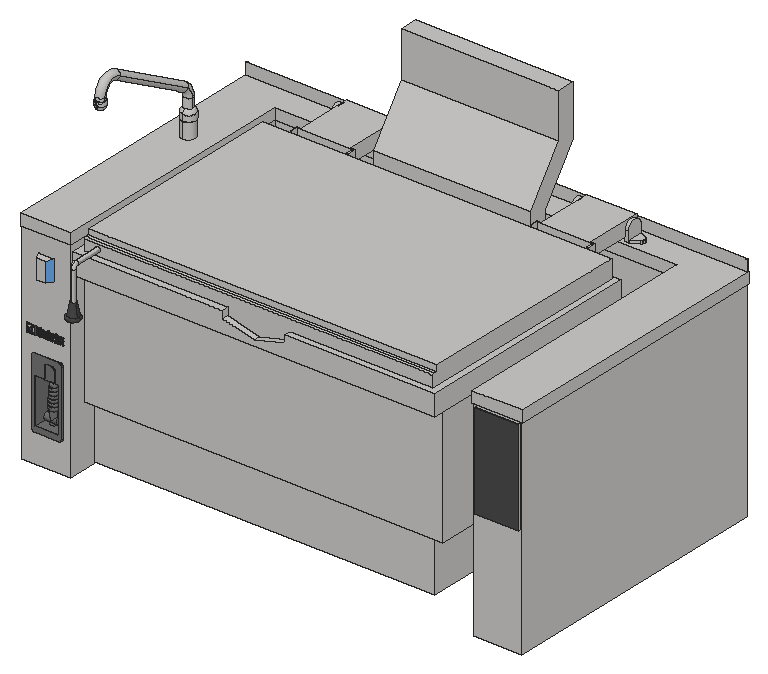
Revit family "QF_ELECTROLUXPROFESSIONAL_586958_PFET17GLCS", category Specialty Equipment, Revit 2018
Family settings
  Round Connector Dimension = Use Radius
  Part Type = Normal
  Work Plane-Based = No
  Always vertical = Yes
  Cut with Voids When Loaded = No
  Shared = Yes
  Room Calculation Point = No
Parameters (values of type "Standard")
  Weight = 300.00 kg
  Watts = 0 W
  Volts = 230 V
  URL Manufacturer = "http://professional.electrolux.com"
  URL = "http://professional.electrolux.com"
  Steam Supply Size = 0"
  Steam Supply Minimum Pressure = 0.00 psi
  Steam Supply Maximum Pressure = 0.00 psi
  Steam Pounds per Hour = 0
  Show Logo [instance] = yes
  Refrigeration Suction Line Size = 0"
  Refrigeration Liquid Line Size = 0"
  Refrigerant Compressor Remote = yes
  Plinth Base Finish [instance] = QF_Finishes_Concrete
  Plinth Base [instance] = not(Base Height = 500.00 mm)  # yes
  Phase = 1
  Model = "PFET17GLCS"
  Manufacturer = "Electrolux Professional"
  Length Actual = 1600.00 mm  # constant formula
  Item Number = "586958"
  Hot Water Size = 1/2"
  Height Actual = 700.00 mm  # constant formula
  HP = "0.3 HP"
  Gas Size = 1"
  Gas KW = 29
  Gas Input Pressure = 0.941485 Btu/h
  Direct Waste Size = 0"
  Description = "GAS TILTING BRAISING PAN,AUTO H/C WATER FILL INLET,SPRAY GUN, 170L,H700,COMPOUND,BS,FS,D900,REAR CLS KIT,GUID.COOK.S"
  Depth Actual = 900.00 mm  # constant formula
  Cycle = 50 Hz
  Condensate Return Size = 0"
  Compressed Air Volume = 0 GPM
  Compressed Air Size = 0"
  Compressed Air Pressure = 0.00 psi
  Cold Water Size = 1/2"
  Bracket [instance] = Base Height = 500.00 mm  # no
  Body Finish [instance] = QF_Finishes_Stainless Steel
  Base Height = 200.00 mm
  Show Clearance [instance] = yes
  Assembly Code = ""
  Accessory = yes
Reference planes
  plane 1 "BACK": y = 0
  plane 2: z = 0
  plane 3 "LEFT": x = 0
  plane 4 "RIGHT": x = 1600
  plane 5 "FRONT": y = -900
  plane 6 "TOP": z = 900
  plane 7: z = 200
  plane 8 "Center": x = 800
  plane 9: y = -450
  plane 10: y = -971
  plane 11: z = 913.881
  plane 12: z = 1865
  plane 13: y = -1014
Forms (mm)
  Extrusion 1, solid, material "QF_Finishes_Stainless Steel" <- "Body Finish"
    sketch origin (0, 0, 900) x (-1, 0, 0) y (0, -1, 0)
      loop
        line (0, 0) -> (0, 900) -> (-160, 900) -> (-160, 86) -> (-1440, 86) -> (-1440, 900) -> (-1600, 900) -> (-1600, 0) -> (0, 0)
    from 0 to -35
  Extrusion 2, solid, material "QF_Finishes_Stainless Steel" <- "Body Finish"
    sketch origin (0, 0, 0) x (1, 0, 0) y (0, 0, 1)
      loop
        line (157, 865) -> (157, 500) -> (1443, 500) -> (1443, 865) -> (157, 865)
    from 3 to 83
  Extrusion 3, solid, material "QF_Finishes_Stainless Steel" <- "Body Finish"
    sketch origin (0, 0, 0) x (1, 0, 0) y (0, 0, 1)
      loop
        line (230, 454.5) -> (1370, 454.5) -> (1370, 833) -> (230, 833) -> (230, 454.5)
    from 235 to 929.3
  Extrusion 4, solid, material "QF_Finishes_Stainless Steel" <- "Body Finish"
    sketch origin (-975.299, -4572, 900) x (-1, 0, 0) y (0, -1, 0)
      loop
        line (-1300.839, -4342) -> (-1304.839, -4342) -> (-1304.839, -4362.7) -> (-1480.839, -4362.7) -> (-1480.839, -4342) -> (-1484.839, -4342) -> (-1484.839, -4366.7) -> (-1472.239, -4366.7) -> (-1472.239, -4549.945) -> (-1313.239, -4549.945) -> (-1313.239, -4366.7) -> (-1300.839, -4366.7) -> (-1300.839, -4342)
      loop
        line (-2249.759, -4342) -> (-2249.759, -4366.7) -> (-2237.359, -4366.7) -> (-2237.359, -4549.945) -> (-2078.359, -4549.945) -> (-2078.359, -4366.7) -> (-2065.759, -4366.7) -> (-2065.759, -4342) -> (-2069.759, -4342) -> (-2069.759, -4362.7) -> (-2245.759, -4362.7) -> (-2245.759, -4342) -> (-2249.759, -4342)
    from 11 to 56
  Sweep 5, solid, material "QF_Finishes_Stainless Steel" <- "Body Finish"
    path origin (287.976, -51.8, 0) x (0, 1, 0) y (0, 0, 1)
      loop
        line (-897.5, 920) -> (-985.5, 920)
        arc (-985.5, 920) -> (-994.07, 916.45) -> (-997.619, 907.881) r 12.119
        line (-997.619, 907.881) -> (-997.619, 813.956)
    profile origin (287.976, -993.3, 920) x (0, 0, -1) y (1, 0, 0)
      loop
        circle (0, 0) r 6.119
  Revolve 6, solid, material "QF_Finishes_Black"
    sketch origin (0, -1049.419, 0) x (1, 0, 0) y (0, 0, 1)
      loop
        line (287.976, 764.909) -> (304.041, 764.909)
        arc (304.041, 764.909) -> (309.041, 769.909) -> (304.041, 774.909) r 5
        line (304.041, 774.909) -> (296.452, 813.956) -> (287.976, 813.956) -> (287.976, 764.909)
      axis (287.976, 813.956) -> (287.976, 764.909)
    angle from 0 to 360
  Extrusion 7, void
    sketch origin (0, -820, 0) x (1, 0, 0) y (0, 0, 1)
      loop
        line (700.793, 900) -> (700.793, 876.744) -> (800.793, 851.202) -> (900.793, 876.744) -> (900.793, 900) -> (700.793, 900)
    from 129.3 to 151
  Extrusion 8, solid, material "QF_Finishes_Stainless Steel" <- "Body Finish"
    sketch origin (337.94, -101, 900) x (0, 1, 0) y (0, 0, -1)
      loop
        line (31, 0) -> (31, -32)
        arc (31, -32) -> (54.973, -55.973) -> (78.945, -32) r 23.973
        line (78.945, -32) -> (78.945, 0) -> (31, 0)
    from 0 to 12.9
  Extrusion 9, solid, material "QF_Finishes_Stainless Steel" <- "Body Finish"
    sketch origin (509.84, -101, 900) x (0, 1, 0) y (0, 0, -1)
      loop
        line (31, 0) -> (31, -32)
        arc (31, -32) -> (54.973, -55.973) -> (78.945, -32) r 23.973
        line (78.945, -32) -> (78.945, 0) -> (31, 0)
    from 0 to 12.9
  Extrusion 10, solid, material "QF_Finishes_Stainless Steel" <- "Body Finish"
    sketch origin (862.06, -101, 900) x (0, 1, 0) y (0, 0, 1)
      loop
        line (31, 0) -> (78.945, 0) -> (78.945, 32)
        arc (78.945, 32) -> (54.973, 55.973) -> (31, 32) r 23.973
        line (31, 32) -> (31, 0)
    from 400 to 412.9
  Extrusion 11, solid, material "QF_Finishes_Stainless Steel" <- "Body Finish"
    sketch origin (690.16, -101, 900) x (0, 1, 0) y (0, 0, 1)
      loop
        line (31, 0) -> (78.945, 0) -> (78.945, 32)
        arc (78.945, 32) -> (54.973, 55.973) -> (31, 32) r 23.973
        line (31, 32) -> (31, 0)
    from 400 to 412.9
  Extrusion 12, solid, material "QF_Finishes_Stainless Steel" <- "Body Finish"
    sketch origin (1443, -897, 0) x (1, 0, 0) y (0, 0, 1)
      loop
        line (7, 553.501) -> (147, 553.501) -> (147, 855) -> (7, 855) -> (7, 553.501)
    from 0 to 5
  Blend 13, solid, material "QF_Finishes_Stainless Steel" <- "Body Finish"
    base sketch origin (157, -897, 0) x (-1, 0, 0) y (0, 0, -1)
      loop
        line (100.5, -805.4) -> (100.5, -738.6) -> (53.5, -738.6) -> (53.5, -805.4) -> (100.5, -805.4)
    top sketch origin (157, -897, 0) x (-1, 0, 0) y (0, 0, -1)
      loop
        line (90.448, -802.617) -> (90.448, -741.383) -> (63.552, -741.383) -> (63.552, -802.617) -> (90.448, -802.617)
    from 0 to 20.065
  Extrusion 14, solid, material "QF_Finishes_Stainless Steel" <- "Body Finish"
    sketch origin (0, 0, 900) x (-1, 0, 0) y (0, -1, 0)
      loop
        line (-298.768, 36.346) -> (-295.234, 39.408) -> (-293.291, 43.662) -> (-293.291, 47.996) -> (-295.234, 52.592) -> (-298.768, 55.654) -> (-325.04, 70) -> (-325.04, 22) -> (-298.768, 36.346)
      loop
        line (-536.112, 36.346) -> (-509.84, 22) -> (-509.84, 70) -> (-536.112, 55.654) -> (-539.646, 52.592) -> (-541.589, 47.996) -> (-541.589, 43.662) -> (-539.646, 39.408) -> (-536.112, 36.346)
      loop
        line (-1063.888, 36.346) -> (-1060.354, 39.408) -> (-1058.411, 43.662) -> (-1058.411, 47.996) -> (-1060.354, 52.592) -> (-1063.888, 55.654) -> (-1090.16, 70) -> (-1090.16, 22) -> (-1063.888, 36.346)
      loop
        line (-1301.232, 36.346) -> (-1274.96, 22) -> (-1274.96, 70) -> (-1301.232, 55.654) -> (-1304.766, 52.592) -> (-1306.709, 47.996) -> (-1306.709, 43.662) -> (-1304.766, 39.408) -> (-1301.232, 36.346)
    from 0 to 8
  Extrusion 15, solid, material "QF_Finishes_Stainless Steel" <- "Body Finish"
    sketch origin (0, 0, 0) x (0, 1, 0) y (0, 0, 1)
      loop
        line (-934.3, 957.5) -> (-934.3, 939.75) -> (-946.264, 939.75)
        arc (-946.264, 939.75) -> (-948.435, 938.566) -> (-949.3, 936.25) r 3.536
        line (-949.3, 936.25) -> (-949.3, 900) -> (-240, 900) -> (-240, 957.5) -> (-934.3, 957.5)
    from 245.454 to 1355.493
  Revolve 16, solid, material "QF_Finishes_Stainless Steel" <- "Body Finish"
    sketch origin (-975.299, -4643, 730) x (-1, 0, 0) y (0, -1, 0)
      loop
        line (-1205.299, -4000) -> (-1138.736, -4000) -> (-1138.736, -4030) -> (-1132.299, -4030) -> (-1132.299, -3943) -> (-1205.299, -3943) -> (-1205.299, -4000)
      loop
        line (-2345.299, -4000) -> (-2345.299, -3943) -> (-2418.299, -3943) -> (-2418.299, -4030) -> (-2411.861, -4030) -> (-2411.861, -4000) -> (-2345.299, -4000)
      axis (-1132.299, -3943) -> (-2418.299, -3943)
    angle from 0 to 360
  Extrusion 17, solid, material "QF_Finishes_Stainless Steel" <- "Body Finish", visible <- "Bracket"
    sketch origin (0, 0, -400) x (0, 1, 0) y (0, 0, 1)
      loop
        line (0, 900) -> (-200, 900) -> (-200, 775) -> (-136.36, 711.36) -> (0, 711.36) -> (0, 900)
    from 25.741 to 134.773
  Extrusion 18, solid, material "QF_Finishes_Stainless Steel" <- "Body Finish", visible <- "Bracket"
    sketch origin (1040, 0, -400) x (0, 1, 0) y (0, 0, 1)
      loop
        line (0, 900) -> (-200, 900) -> (-200, 775) -> (-136.36, 711.36) -> (0, 711.36) -> (0, 900)
    from 425.741 to 534.773
  Extrusion 19, solid, material "QF_Finishes_Stainless Steel" <- "Body Finish"
    sketch origin (-975.299, -4572, 900) x (-1, 0, 0) y (0, -1, 0)
      loop
        line (-1199.802, -4342) -> (-1199.802, -3601) -> (-2353.192, -3601) -> (-2353.192, -4342) -> (-1199.802, -4342)
    from -67 to 0
  Extrusion 20, solid, material "QF_Finishes_Clearance", visible <- "Show Clearance", detail levels coarse
    sketch origin (337.94, -101, 900) x (0, 1, 0) y (0, 0, -1)
      loop
        line (78.945, -56) -> (-870, -56)
        arc (-870, -56) -> (-682.309, -622.559) -> (-193.481, -965) r 948.945
        line (-193.481, -965) -> (78.945, -56)
    from -1017.553 to 92.486
  Extrusion 21, solid, material "QF_Finishes_Clearance", visible <- "Show Clearance", detail levels coarse
    sketch origin (600, 0, 0) x (0, 1, 0) y (0, 0, 1)
      loop
        line (-929.3, 501.989) -> (-929.3, 833) -> (-971, 833) -> (-971, 900)
        arc (-971, 900) -> (-1019.265, 693.753) -> (-929.3, 501.989) r 322.819
    from -375.497 to 777.893
  Extrusion 22, solid, material "QF_Finishes_Stainless Steel"
    sketch origin (0, 0, 386.36) x (0, 0, 1) y (1, 0, 0)
      loop
        circle (8.64, 106.204) r 6.35
      loop
        circle (8.64, 46.204) r 6.35
      loop
        circle (-41.36, 75) r 12.7
    from 0 to 5
  Extrusion 23, solid, material "QF_Finishes_Stainless Steel"
    sketch origin (1040, 0, 386.36) x (0, 0, 1) y (1, 0, 0)
      loop
        circle (-66.36, 481.204) r 6.35
    from 0 to 5
  Extrusion 24, solid, material "QF_Finishes_Stainless Steel" <- "Body Finish"
    sketch origin (796.81, 0, 0) x (0, 1, 0) y (0, 0, 1)
      loop
        line (-180, 956) -> (-180, 598) -> (-230, 598) -> (-230, 540) -> (-122, 540) -> (-122, 937.155) -> (-10.18, 1091.061) -> (-10.18, 1254) -> (-68.18, 1254) -> (-68.18, 1109.907) -> (-180, 956)
    from -246.81 to 253.19
  Extrusion 25, solid, material "QF_Finishes_Stainless Steel" <- "Body Finish"
    sketch origin (0, 0, 29.5) x (1, 0, 0) y (0, 0, 1)
      loop
        line (256.991, 425) -> (256.991, 263.5) -> (1342.245, 263.5) -> (1342.245, 425) -> (256.991, 425)
    from 235 to 925
  Extrusion 26, solid, material "QF_Finishes_Stainless Steel" <- "Body Finish"
    sketch origin (0, -100, 0) x (1, 0, 0) y (0, 1, 0)
      loop
        line (157, 97) -> (3, 97) -> (3, -797) -> (157, -797) -> (157, 97)
      loop
        line (1597, 97) -> (1443, 97) -> (1443, -797) -> (1597, -797) -> (1597, 97)
    from 200 to 865
  Extrusion 27, solid, material "Navy Blue", visible <- "Show Logo"
    sketch origin (160, -897, 0) x (-1, 0, 0) y (0, 0, -1)
      loop
        line (101.332, -593.18) -> (109.793, -593.18) -> (109.793, -583.327)
        arc (109.793, -583.327) -> (108.679, -580.639) -> (105.991, -579.525) r 3.802
        line (105.991, -579.525) -> (101.168, -579.525) -> (101.168, -581.736) -> (105.441, -581.736)
        arc (105.441, -581.736) -> (106.845, -582.21) -> (107.442, -583.566) r 1.838
        line (107.442, -583.566) -> (107.442, -585.52) -> (101.698, -585.52) -> (101.698, -587.738) -> (107.442, -587.738) -> (107.442, -590.968) -> (101.332, -590.968) -> (101.332, -593.18)
      loop
        line (99.498, -593.18) -> (99.498, -579.525) -> (97.146, -579.525) -> (97.146, -593.18) -> (99.498, -593.18)
      loop
        line (48.417, -593.18) -> (48.417, -579.525) -> (46.064, -579.525) -> (46.064, -593.18) -> (48.417, -593.18)
      loop
        line (93.257, -583.886) -> (85.539, -583.886)
        arc (85.539, -583.886) -> (86.746, -588.126) -> (90.874, -589.672) r 4.89
        arc (90.874, -589.672) -> (94.51, -587.828) -> (95.548, -583.886) r 4.976
        arc (95.548, -583.886) -> (94.182, -580.589) -> (90.886, -579.224) r 4.662
        arc (90.886, -579.224) -> (88.32, -579.602) -> (86.169, -581.05) r 5.86
        line (86.169, -581.05) -> (87.562, -582.444)
        arc (87.562, -582.444) -> (89.391, -581.347) -> (91.516, -581.531) r 3.458
        arc (91.516, -581.531) -> (92.812, -582.394) -> (93.257, -583.886) r 2.29
      loop
        line (93.198, -585.539) -> (87.902, -585.539)
        arc (87.902, -585.539) -> (88.645, -587.103) -> (90.278, -587.679) r 2.256
        arc (90.278, -587.679) -> (92.162, -587.188) -> (93.198, -585.539) r 2.64
      loop
        line (76.371, -586.524) -> (74.894, -588)
        arc (74.894, -588) -> (76.746, -589.341) -> (78.997, -589.742) r 5.117
        arc (78.997, -589.742) -> (82.429, -588.487) -> (84.231, -585.308) r 5.293
        arc (84.231, -585.308) -> (81.194, -579.733) -> (74.977, -581.018) r 5.33
        line (74.977, -581.018) -> (76.446, -582.487)
        arc (76.446, -582.487) -> (79.616, -581.438) -> (81.887, -583.886) r 3.088
        arc (81.887, -583.886) -> (81.729, -585.821) -> (80.396, -587.234) r 2.933
        arc (80.396, -587.234) -> (78.264, -587.559) -> (76.371, -586.524) r 3.369
      loop
        line (73.45, -593.18) -> (73.45, -583.849)
        arc (73.45, -583.849) -> (73.246, -582.449) -> (72.722, -581.135) r 6.031
        arc (72.722, -581.135) -> (71.044, -579.8) -> (68.918, -579.519) r 4.018
        line (68.918, -579.519) -> (68.918, -581.723)
        arc (68.918, -581.723) -> (69.55, -581.771) -> (70.139, -582.005) r 2.118
        arc (70.139, -582.005) -> (70.895, -582.804) -> (71.098, -583.886) r 1.949
        line (71.098, -583.886) -> (71.098, -587.265) -> (68.962, -587.265) -> (68.962, -589.401) -> (71.098, -589.401) -> (71.098, -593.18) -> (73.45, -593.18)
      loop
        arc (64.65, -584.717) -> (64.482, -585.701) -> (63.997, -586.574) r 2.967
        arc (63.997, -586.574) -> (62.588, -587.297) -> (61.004, -587.265) r 3.231
        line (61.004, -587.265) -> (61.004, -589.525)
        arc (61.004, -589.525) -> (63.073, -589.33) -> (64.65, -587.977) r 3.432
        line (64.65, -587.977) -> (64.65, -589.401) -> (66.983, -589.401) -> (66.983, -579.525) -> (64.65, -579.525) -> (64.65, -584.717)
      loop
        circle (55.254, -584.461) r 5.233
      loop
        circle (55.254, -584.461) r 3.172
      loop
        arc (37.582, -583.638) -> (38.162, -582.041) -> (39.738, -581.405) r 2.088
        arc (39.738, -581.405) -> (41.313, -582.041) -> (41.894, -583.638) r 2.088
        line (41.894, -583.638) -> (41.894, -589.401) -> (44.266, -589.401) -> (44.266, -583.442)
        arc (44.266, -583.442) -> (42.916, -580.365) -> (39.738, -579.275) r 4.181
        arc (39.738, -579.275) -> (36.524, -580.398) -> (35.211, -583.539) r 4.181
        line (35.211, -583.539) -> (35.211, -589.401) -> (37.582, -589.401) -> (37.582, -583.638)
      loop
        line (33.789, -589.401) -> (30.374, -584.764) -> (34.126, -579.522) -> (31.598, -579.522) -> (29.107, -583.001) -> (26.58, -579.522) -> (24.068, -579.522) -> (27.767, -584.817) -> (24.385, -589.401) -> (26.952, -589.401) -> (29.115, -586.469) -> (31.245, -589.401) -> (33.789, -589.401)
      loop
        line (108.47, -573.865) -> (110.346, -573.865) -> (110.346, -569.143) -> (109.319, -569.143) -> (109.319, -570.769) -> (108.185, -570.769)
        arc (108.185, -570.769) -> (106.916, -572.447) -> (108.47, -573.865) r 1.561
      loop
        arc (108.23, -571.697) -> (107.841, -572.304) -> (108.23, -572.911) r 0.668
        line (108.23, -572.911) -> (109.319, -572.911) -> (109.319, -571.697) -> (108.23, -571.697)
      loop
        line (101.061, -573.865) -> (102.968, -573.865) -> (102.968, -569.143) -> (101.942, -569.143) -> (101.942, -570.769) -> (100.949, -570.769) -> (100.27, -569.143) -> (99.168, -569.143) -> (100.097, -571.134)
        arc (100.097, -571.134) -> (99.652, -571.665) -> (99.502, -572.343) r 1.458
        arc (99.502, -572.343) -> (99.971, -573.421) -> (101.061, -573.865) r 1.559
      loop
        line (101.942, -572.911) -> (101.942, -571.697) -> (100.852, -571.697)
        arc (100.852, -571.697) -> (100.464, -572.304) -> (100.852, -572.911) r 0.668
        line (100.852, -572.911) -> (101.942, -572.911)
      loop
        circle (93.139, -571.504) r 2.453
      loop
        circle (93.139, -571.504) r 1.557
      loop
        line (86.655, -573.865) -> (86.655, -569.143) -> (85.654, -569.143) -> (85.654, -570.793) -> (83.876, -570.793) -> (83.876, -571.851) -> (85.654, -571.851) -> (85.654, -572.847) -> (83.706, -572.847) -> (83.706, -573.865) -> (86.655, -573.865)
      loop
        line (79.724, -573.865) -> (79.724, -570.677)
        arc (79.724, -570.677) -> (79.288, -569.596) -> (78.213, -569.146) r 1.51
        line (78.213, -569.146) -> (76.689, -569.146) -> (76.689, -570.038) -> (78.122, -570.038)
        arc (78.122, -570.038) -> (78.65, -570.475) -> (78.753, -571.151) r 0.961
        line (78.753, -571.151) -> (76.866, -571.151) -> (76.866, -572.043) -> (78.753, -572.043) -> (78.753, -572.973) -> (76.735, -572.973) -> (76.735, -573.865) -> (79.724, -573.865)
      loop
        arc (62.624, -573.267) -> (63.249, -573.78) -> (64.041, -573.943) r 1.69
        arc (64.041, -573.943) -> (64.773, -573.764) -> (65.374, -573.31) r 1.872
        arc (65.374, -573.31) -> (65.486, -572.238) -> (64.794, -571.411) r 1.385
        arc (64.794, -571.411) -> (64.212, -571.217) -> (63.66, -570.95) r 4.78
        arc (63.66, -570.95) -> (63.312, -570.539) -> (63.552, -570.057) r 0.489
        arc (63.552, -570.057) -> (63.998, -569.952) -> (64.442, -570.065) r 0.963
        arc (64.442, -570.065) -> (64.826, -570.341) -> (65.061, -570.752) r 1.118
        line (65.061, -570.752) -> (65.887, -570.367)
        arc (65.887, -570.367) -> (65.589, -569.793) -> (65.11, -569.36) r 1.815
        arc (65.11, -569.36) -> (64.566, -569.127) -> (63.978, -569.068) r 1.957
        arc (63.978, -569.068) -> (63.25, -569.213) -> (62.595, -569.561) r 2.556
        arc (62.595, -569.561) -> (62.305, -570.331) -> (62.455, -571.139) r 1.535
        arc (62.455, -571.139) -> (62.778, -571.512) -> (63.19, -571.781) r 1.779
        arc (63.19, -571.781) -> (63.712, -572.014) -> (64.248, -572.215) r 9.371
        arc (64.248, -572.215) -> (64.557, -572.696) -> (64.11, -573.053) r 0.427
        arc (64.11, -573.053) -> (63.575, -572.924) -> (63.163, -572.558) r 1.135
        line (63.163, -572.558) -> (62.624, -573.267)
      loop
        line (58.291, -573.865) -> (58.291, -569.146) -> (57.321, -569.146) -> (57.321, -573.865) -> (58.291, -573.865)
      loop
        circle (50.779, -571.506) r 1.468
      loop
        circle (50.779, -571.506) r 2.451
      loop
        line (44.27, -569.146) -> (43.289, -569.146) -> (43.289, -572.113) -> (41.131, -569.146) -> (40.187, -569.146) -> (40.187, -573.865) -> (41.168, -573.865) -> (41.168, -570.808) -> (43.326, -573.865) -> (44.27, -573.865) -> (44.27, -569.146)
      loop
        line (35.295, -569.146) -> (34.836, -570.164) -> (33.09, -570.164) -> (32.631, -569.146) -> (31.588, -569.146) -> (33.581, -573.865) -> (34.491, -573.865) -> (36.337, -569.146) -> (35.295, -569.146)
      loop
        line (33.526, -571.132) -> (33.993, -572.169) -> (34.447, -571.132) -> (33.526, -571.132)
      loop
        line (26.769, -570.038) -> (26.769, -573.865) -> (27.739, -573.865) -> (27.739, -569.146) -> (24.954, -569.146) -> (24.954, -570.038) -> (26.769, -570.038)
      loop
        arc (69.698, -573.267) -> (70.324, -573.78) -> (71.116, -573.943) r 1.69
        arc (71.116, -573.943) -> (71.847, -573.764) -> (72.449, -573.31) r 1.872
        arc (72.449, -573.31) -> (72.56, -572.238) -> (71.868, -571.411) r 1.385
        arc (71.868, -571.411) -> (71.287, -571.217) -> (70.735, -570.95) r 4.78
        arc (70.735, -570.95) -> (70.386, -570.539) -> (70.627, -570.057) r 0.489
        arc (70.627, -570.057) -> (71.073, -569.952) -> (71.517, -570.065) r 0.963
        arc (71.517, -570.065) -> (71.901, -570.341) -> (72.136, -570.752) r 1.118
        line (72.136, -570.752) -> (72.961, -570.367)
        arc (72.961, -570.367) -> (72.664, -569.793) -> (72.184, -569.36) r 1.815
        arc (72.184, -569.36) -> (71.64, -569.127) -> (71.052, -569.068) r 1.957
        arc (71.052, -569.068) -> (70.325, -569.213) -> (69.669, -569.561) r 2.556
        arc (69.669, -569.561) -> (69.38, -570.331) -> (69.529, -571.139) r 1.535
        arc (69.529, -571.139) -> (69.852, -571.512) -> (70.265, -571.781) r 1.779
        arc (70.265, -571.781) -> (70.787, -572.014) -> (71.322, -572.215) r 9.371
        arc (71.322, -572.215) -> (71.632, -572.696) -> (71.185, -573.053) r 0.427
        arc (71.185, -573.053) -> (70.649, -572.924) -> (70.238, -572.558) r 1.135
        line (70.238, -572.558) -> (69.698, -573.267)
      loop
        line (124.467, -593.367) -> (124.467, -568.534)
        arc (124.467, -568.534) -> (115.287, -580.95) -> (124.467, -593.367) r 12.987
      loop
        arc (125.423, -593.446) -> (135.891, -591.227) -> (141.022, -581.837) r 12.809
        line (141.022, -581.837) -> (135.422, -581.837)
        arc (135.422, -581.837) -> (128.84, -585.012) -> (125.423, -591.472) r 11.707
        line (125.423, -591.472) -> (125.423, -593.446)
      loop
        arc (125.73, -570.332) -> (129.585, -577.251) -> (136.925, -580.23) r 11.93
        line (136.925, -580.23) -> (141.033, -580.23)
        arc (141.033, -580.23) -> (136.066, -570.804) -> (125.73, -568.215) r 13.06
        line (125.73, -568.215) -> (125.73, -570.332)
      loop
        line (141.976, -594.722) -> (141.976, -567.122) -> (114.339, -567.122) -> (114.339, -594.722) -> (141.976, -594.722)
    from 0 to 0.697
  Extrusion 28, void
    sketch origin (0, -900, 0) x (1, 0, 0) y (0, 0, 1)
      loop
        line (125.4, 500.944) -> (43.4, 500.944) -> (43.4, 305.944) -> (125.4, 305.944) -> (125.4, 500.944)
    from 0 to -63
  Extrusion 29, solid, material "QF_Finishes_Stainless Steel"
    sketch origin (800, -100, 0) x (0, 1, 0) y (0, 0, 1)
      loop
        line (98, 937.998) -> (98, 900) -> (100, 900) -> (100, 937.998) -> (98, 937.998)
    from 800 to -800
Cuts and joins
  Extrusion 7 cuts Extrusion 19
  joined: Extrusion 3, Extrusion 15, Extrusion 19
  Extrusion 28 cuts Extrusion 26
Lines and regions (mm)
  Split face 1
    outline origin (1443, -902, 0) x (1, 0, 0) y (0, 0, 1)
      loop
        line (7.625, 638.501) -> (7.625, 554.126) -> (146.375, 554.126) -> (146.375, 638.501) -> (7.625, 638.501)
  Split face 2
    outline origin (1443, -902, 0) x (1, 0, 0) y (0, 0, 1)
      loop
        line (21.373, 638.501) -> (132.623, 638.501) -> (132.623, 843.501) -> (21.373, 843.501) -> (21.373, 638.501)
  symbolic lines
    curve 1: line (1600, 0, 900) -> (0, 0, 900)
    curve 2: line (1600, -900, 900) -> (1600, 0, 900)
    curve 3: line (1440, -900, 900) -> (1600, -900, 900)
    curve 4: line (1440, -86, 900) -> (1440, -900, 900)
    curve 5: line (0, 0, 900) -> (0, -900, 900)
    curve 6: line (160, -900, 900) -> (160, -86, 900)
    curve 7: line (0, -900, 900) -> (160, -900, 900)
    curve 8: line (160, -86, 900) -> (337.94, -86, 900)
    curve 9: line (1262.06, -86, 900) -> (1440, -86, 900)
    curve 10: line (224.503, -230, 900) -> (325.54, -230, 900)
    curve 11: line (329.54, -230, 900) -> (505.54, -230, 900)
    curve 12: line (509.54, -230, 900) -> (1090.46, -230, 900)
    curve 13: line (1094.46, -230, 900) -> (1270.46, -230, 900)
    curve 14: line (1377.893, -230, 900) -> (1274.46, -230, 900)
    curve 15: line (1377.893, -230, 900) -> (1377.893, -971, 900)
    curve 16: line (224.503, -230, 900) -> (224.503, -971, 900)
    curve 17: line (1440, -572, 900) -> (1377.893, -572, 900)
    curve 18: line (1440, -686, 900) -> (1377.893, -686, 900)
    curve 19: line (160, -572, 900) -> (224.503, -572, 900)
    curve 20: line (160, -686, 900) -> (224.503, -686, 900)
    curve 28: line (496.94, -86, 900) -> (550, -86, 900)
    curve 29: arc (281.802, -1030.524, 900) -> (287.797, -1069.585, 900) -> (294.033, -1030.562, 900) r 20
    curve 30: line (1050, -86, 900) -> (1103.06, -86, 900)
    curve 31: line (0, -2, 0) -> (1600, -2, 0)
  symbolic lines, style "QF-Clearances", visible <- "Show Clearance", detail levels coarse
    curve 21: line (550, -550, 900) -> (1050, -550, 900)
    curve 22: line (550, -1750, 900) -> (550, -550, 900)
    curve 23: line (1050, -1750, 900) -> (550, -1750, 900)
    curve 24: line (1050, -550, 900) -> (1050, -1750, 900)
    curve 25: line (550, -1150, 900) -> (750, -1750, 900)
    curve 26: line (1050, -1150, 900) -> (850, -1750, 900)
    curve 27: circle (800, -1700, 900) r 25 normal (0, 0, 1)
Dimensions and locks
  plane 3 "LEFT" to plane 4 "RIGHT" = 1600.00 mm
  plane 4 "RIGHT" to plane 3 "LEFT" = 1600.00 mm
  plane 1 "BACK" to plane 5 "FRONT" = 900.00 mm
  plane 5 "FRONT" to plane 1 "BACK" = 900.00 mm
  plane 6 "TOP" to level = 900.00 mm
  "Base Height": plane 7 to level
  equal spacing: plane 5 "FRONT", plane 9, plane 1 "BACK"
  equal spacing: plane 3 "LEFT", plane 8 "Center", plane 4 "RIGHT"
  plane 10 to plane 1 "BACK" = 971.00 mm
  plane 6 "TOP" to Extrusion 3 sketch curve to Extrusion 3 sketch curve = 67.00 mm locked, 378.50 mm locked
  plane 6 "TOP" to Extrusion 12 sketch curve to Extrusion 12 sketch curve = 45.00 mm locked, 301.499 mm locked
  plane 6 "TOP" to Extrusion 17 sketch curve to Extrusion 17 sketch curve to Extrusion 17 sketch curve = 400.00 mm locked, 125.00 mm locked, 63.64 mm locked
  plane 6 "TOP" to Extrusion 18 sketch curve to Extrusion 18 sketch curve to Extrusion 18 sketch curve = 400.00 mm locked, 125.00 mm locked, 63.64 mm locked
  locked: cut or joined group of Extrusion 3, Extrusion 7, Extrusion 15, Extrusion 19 to plane 4 "RIGHT" at 244.507
  Extrusion 14 sketch curve to Extrusion 14 sketch curve to Extrusion 8 to Extrusion 4 to Extrusion 14 sketch curve to Extrusion 14 sketch curve = 31.749 mm locked, 12.90 mm locked, 159.00 mm locked, 12.90 mm locked, 31.749 mm locked
  plane 4 "RIGHT" to Extrusion 10 to Extrusion 10 to Extrusion 11 to Extrusion 11 = 325.04 mm locked, 12.90 mm locked, 159.00 mm locked, 12.90 mm locked
  Extrusion 9 to Extrusion 9 to Extrusion 8 to Extrusion 8 to plane 3 "LEFT" = 12.90 mm locked, 159.00 mm locked, 12.90 mm locked, 325.04 mm locked
  Extrusion 14 sketch curve to Extrusion 14 sketch curve to Extrusion 14 sketch curve to Extrusion 14 sketch curve to plane 4 "RIGHT" = 31.749 mm locked, 184.80 mm locked, 31.749 mm locked, 293.291 mm locked
  Extrusion 4 sketch curve to Extrusion 4 sketch curve to Extrusion 4 sketch curve to Extrusion 4 sketch curve to Extrusion 4 sketch curve to Extrusion 4 sketch curve to plane 4 "RIGHT" = 4.00 mm locked, 8.60 mm locked, 159.00 mm locked, 8.40 mm locked, 4.00 mm locked, 325.54 mm locked
  Extrusion 18 to Extrusion 18 to plane 4 "RIGHT" = 109.032 mm locked, 25.227 mm locked
  Extrusion 7 sketch curve to plane 8 "Center" to Extrusion 7 sketch curve = 100.793 mm locked, 99.207 mm locked
  plane 5 "FRONT" to Extrusion 15 sketch curve to Extrusion 15 sketch curve to Extrusion 15 sketch curve = 34.30 mm, 11.964 mm, 3.036 mm
  plane 5 "FRONT" to Sweep 5 sketch curve to Sweep 5 sketch curve to Sweep 5 sketch curve = 49.30 mm, 88.00 mm, 12.119 mm locked
  locked: plane 5 "FRONT" to Revolve 6 at 149.419
  plane 6 "TOP" to Extrusion 2 sketch curve to Extrusion 2 sketch curve = 35.00 mm locked, 365.00 mm locked
  plane 12 to plane 6 "TOP" = 965.00 mm
  locked: Extrusion 21 to plane 4 "RIGHT" at 222.107
  plane 1 "BACK" to plane 13 = 1014.00 mm
  Extrusion 22 sketch curve to Extrusion 22 sketch curve to plane 6 "TOP" = 50.00 mm locked, 505.00 mm locked
  plane 6 "TOP" to Extrusion 25 sketch curve to Extrusion 25 sketch curve = 445.50 mm locked, 161.50 mm locked
  Extrusion 24 to level = 1254.00 mm
  aligned and locked: level to plane 2
  aligned: plane 6 "TOP" to Extrusion 1
  aligned and locked: plane 6 "TOP" to Extrusion 1
  aligned and locked: Revolve 16 to cut or joined group of Extrusion 3, Extrusion 7, Extrusion 15, Extrusion 19
  aligned and locked: cut or joined group of Extrusion 3, Extrusion 7, Extrusion 15, Extrusion 19 to Revolve 16
  aligned: plane 5 "FRONT" to cut or joined group of Extrusion 3, Extrusion 7, Extrusion 15, Extrusion 19
  aligned: cut or joined group of Extrusion 3, Extrusion 7, Extrusion 15, Extrusion 19 to Sweep 5 sketch curve
  aligned: cut or joined group of Extrusion 3, Extrusion 7, Extrusion 15, Extrusion 19 to plane 10
  aligned: Sweep 5 to cut or joined group of Extrusion 3, Extrusion 7, Extrusion 15, Extrusion 19
  aligned: Extrusion 19 to Extrusion 7
  aligned: Extrusion 2 to cut or joined group of Extrusion 3, Extrusion 7, Extrusion 15, Extrusion 19
  aligned and locked: Extrusion 20 to cut or joined group of Extrusion 3, Extrusion 7, Extrusion 15, Extrusion 19  (x2)
  aligned and locked: cut or joined group of Extrusion 3, Extrusion 7, Extrusion 15, Extrusion 19 to Extrusion 21
  aligned and locked: curve 8 to Extrusion 1
  aligned and locked: Extrusion 4 to curve 12  (x2)
  aligned and locked: Extrusion 4 to curve 11  (x2)
  aligned and locked: Extrusion 4 to curve 10
  aligned and locked: curve 16 to cut or joined group of Extrusion 3, Extrusion 7, Extrusion 15, Extrusion 19
  aligned and locked: curve 6 to Extrusion 1
  aligned and locked: Extrusion 4 to curve 13
  aligned and locked: cut or joined group of Extrusion 3, Extrusion 7, Extrusion 15, Extrusion 19 to Extrusion 21 sketch curve
Automatic sketch dimensions
  Extrusion 17 sketch curve to plane 1 "BACK" = 0.00 mm
  plane 1 "BACK" to Extrusion 17 sketch curve = 136.36 mm
  Extrusion 17 sketch curve to Extrusion 17 sketch curve = 63.64 mm
  Extrusion 18 sketch curve to plane 1 "BACK" = 0.00 mm
  plane 1 "BACK" to Extrusion 18 sketch curve = 136.36 mm
  Extrusion 18 sketch curve to Extrusion 18 sketch curve = 63.64 mm
  plane 1 "BACK" to Extrusion 1 sketch curve = 0.00 mm
  Extrusion 1 sketch curve to plane 4 "RIGHT" = 0.00 mm
  plane 5 "FRONT" to Extrusion 1 sketch curve = 0.00 mm  (x2)
  Extrusion 1 sketch curve to plane 3 "LEFT" = 0.00 mm
  Extrusion 1 sketch curve to plane 4 "RIGHT" = 160.00 mm
  plane 3 "LEFT" to Extrusion 1 sketch curve = 160.00 mm
  plane 1 "BACK" to Extrusion 1 sketch curve = 86.00 mm
  plane 3 "LEFT" to Extrusion 2 sketch curve = 157.00 mm
  Extrusion 2 sketch curve to plane 4 "RIGHT" = 157.00 mm
  plane 3 "LEFT" to Extrusion 3 sketch curve = 230.00 mm
  Extrusion 3 sketch curve to plane 4 "RIGHT" = 230.00 mm
  Extrusion 4 sketch curve to plane 8 "Center" = 290.46 mm
  Extrusion 4 sketch curve to Extrusion 4 sketch curve = 4.00 mm  (x4)
  Extrusion 4 sketch curve to Extrusion 4 sketch curve = 8.60 mm
  plane 1 "BACK" to Extrusion 4 sketch curve = 22.055 mm  (x2)
  Extrusion 4 sketch curve to Extrusion 4 sketch curve = 159.00 mm
  Extrusion 4 sketch curve to Extrusion 4 sketch curve = 8.40 mm
  Extrusion 4 sketch curve to Extrusion 4 sketch curve = 183.245 mm  (x2)
  Extrusion 4 sketch curve to Extrusion 4 sketch curve = 0.00 mm  (x2)
  Extrusion 4 sketch curve to Extrusion 4 sketch curve = 20.70 mm  (x4)
  plane 6 "TOP" to Sweep 5 sketch curve = 7.881 mm
  Sweep 5 sketch curve to plane 6 "TOP" = 86.044 mm
  Sweep 5 sketch curve to profile plane = 0.00 mm  (x2)
  Revolve 6 sketch curve to plane 6 "TOP" = 135.091 mm
  plane 3 "LEFT" to Revolve 6 sketch curve = 287.976 mm
  Revolve 6 sketch curve to plane 6 "TOP" = 86.044 mm
  Revolve 6 sketch curve to Revolve 6 sketch curve = 8.475 mm
  Revolve 6 sketch curve to Revolve 6 sketch curve = 16.065 mm
  Revolve 6 sketch curve to Revolve 6 sketch curve = 5.00 mm
  Revolve 6 sketch curve to Revolve 6 sketch curve = 0.00 mm
  Revolve 6 sketch curve to Revolve 6 sketch curve = 19.523 mm
  Revolve 6 sketch curve to Revolve 6 sketch curve = 6.381 mm
  plane 8 "Center" to Extrusion 7 sketch curve = 0.793 mm
  Extrusion 7 sketch curve to plane 6 "TOP" = 48.798 mm
  Extrusion 7 sketch curve to plane 6 "TOP" = 23.256 mm  (x2)
  plane 6 "TOP" to Extrusion 7 sketch curve = 0.00 mm
  Extrusion 8 sketch curve to Extrusion 4 = 0.00 mm
  Extrusion 4 to Extrusion 8 sketch curve = 23.973 mm
  Extrusion 4 to Extrusion 8 sketch curve = 21.00 mm
  Extrusion 8 sketch curve to Extrusion 4 = 11.00 mm
  Extrusion 9 sketch curve to plane 6 "TOP" = 0.00 mm
  plane 1 "BACK" to Extrusion 9 sketch curve = 70.00 mm
  Extrusion 9 sketch curve to Extrusion 9 sketch curve = 23.973 mm
  plane 6 "TOP" to Extrusion 9 sketch curve = 32.00 mm
  Extrusion 10 sketch curve to plane 6 "TOP" = 0.00 mm
  plane 1 "BACK" to Extrusion 10 sketch curve = 70.00 mm
  Extrusion 10 sketch curve to Extrusion 10 sketch curve = 23.973 mm
  Extrusion 10 sketch curve to Extrusion 10 sketch curve = 32.00 mm
  Extrusion 11 sketch curve to plane 6 "TOP" = 0.00 mm
  plane 1 "BACK" to Extrusion 11 sketch curve = 70.00 mm
  Extrusion 11 sketch curve to Extrusion 11 sketch curve = 23.973 mm
  Extrusion 11 sketch curve to Extrusion 11 sketch curve = 32.00 mm
  Extrusion 12 sketch curve to plane 4 "RIGHT" = 150.00 mm
  Extrusion 12 sketch curve to plane 4 "RIGHT" = 10.00 mm
  plane 3 "LEFT" to Blend 13 sketch curve = 103.50 mm
  Blend 13 sketch curve to Blend 13 sketch curve = 47.00 mm
  Blend 13 sketch curve to plane 6 "TOP" = 94.60 mm
  Blend 13 sketch curve to Blend 13 sketch curve = 66.80 mm
  plane 3 "LEFT" to Blend 13 sketch curve = 93.448 mm
  Blend 13 sketch curve to Blend 13 sketch curve = 26.896 mm
  Blend 13 sketch curve to plane 6 "TOP" = 97.383 mm
  Blend 13 sketch curve to Blend 13 sketch curve = 61.233 mm
  plane 1 "BACK" to Extrusion 14 sketch curve = 52.592 mm  (x4)
  Extrusion 14 sketch curve to Extrusion 14 sketch curve = 1.943 mm  (x4)
  plane 1 "BACK" to Extrusion 14 sketch curve = 39.408 mm  (x4)
  plane 1 "BACK" to Extrusion 14 sketch curve = 36.346 mm  (x4)
  Extrusion 14 sketch curve to Extrusion 14 sketch curve = 3.534 mm  (x8)
  plane 1 "BACK" to Extrusion 14 sketch curve = 55.654 mm  (x4)
  Extrusion 14 sketch curve to Extrusion 14 sketch curve = 5.477 mm  (x4)
  plane 1 "BACK" to Extrusion 14 sketch curve = 22.00 mm  (x4)
  Extrusion 14 sketch curve to Extrusion 14 sketch curve = 4.254 mm  (x4)
  Extrusion 14 sketch curve to Extrusion 14 sketch curve = 4.334 mm  (x4)
  Extrusion 14 sketch curve to Extrusion 14 sketch curve = 14.346 mm  (x4)
  Extrusion 15 sketch curve to plane 6 "TOP" = 0.00 mm
  Extrusion 15 sketch curve to Extrusion 15 sketch curve = 0.50 mm
  plane 9 to Extrusion 15 sketch curve = 210.00 mm
  Extrusion 15 sketch curve to Extrusion 15 sketch curve = 36.25 mm
  Extrusion 15 sketch curve to Extrusion 15 sketch curve = 57.50 mm
  Revolve 16 sketch curve to plane 4 "RIGHT" = 157.00 mm
  Revolve 16 sketch curve to Revolve 16 sketch curve = 6.437 mm  (x2)
  Revolve 16 sketch curve to Revolve 16 sketch curve = 66.563 mm  (x2)
  plane 3 "LEFT" to Revolve 16 sketch curve = 230.00 mm
  Revolve 16 sketch curve to plane 9 = 163.00 mm  (x2)
  Revolve 16 sketch curve to Revolve 16 sketch curve = 30.00 mm  (x2)
  Revolve 16 sketch curve to Revolve 16 sketch curve = 57.00 mm  (x2)
  Revolve 16 sketch curve to Revolve 16 sketch curve = 5.497 mm  (x2)
  Revolve 16 sketch curve to Revolve 16 sketch curve = 0.00 mm
  Split face 1 sketch curve to Extrusion 12 = 0.625 mm  (x3)
  Split face 1 sketch curve to Split face 1 sketch curve = 84.375 mm
  Split face 2 sketch curve to Extrusion 12 = 14.373 mm
  Split face 2 sketch curve to Extrusion 12 = 14.377 mm
  Split face 2 sketch curve to Extrusion 12 = 85.00 mm
  Split face 2 sketch curve to Extrusion 12 = 11.499 mm
  Extrusion 19 sketch curve to plane 10 = 0.00 mm
  Extrusion 19 sketch curve to plane 4 "RIGHT" = 222.107 mm
  plane 3 "LEFT" to Extrusion 19 sketch curve = 224.503 mm
  plane 9 to Extrusion 19 sketch curve = 220.00 mm
  Extrusion 4 to Extrusion 20 sketch curve = 0.00 mm
  Extrusion 20 sketch curve to Extrusion 4 = 0.00 mm  (x2)
  Extrusion 4 to Extrusion 20 sketch curve = 89.181 mm
  Extrusion 4 to Extrusion 20 sketch curve = 765.70 mm
  Extrusion 21 sketch curve to plane 6 "TOP" = 0.00 mm
  Extrusion 21 sketch curve to plane 10 = 0.00 mm
  plane 5 "FRONT" to Extrusion 21 sketch curve = 29.30 mm
  Extrusion 21 sketch curve to plane 5 "FRONT" = 201.797 mm
  Extrusion 21 sketch curve to plane 6 "TOP" = 172.609 mm
  curve 3 to plane 4 "RIGHT" = 0.00 mm
  plane 5 "FRONT" to curve 3 = 0.00 mm
  curve 15 to plane 10 = 0.00 mm
  plane 1 "BACK" to curve 5 = 0.00 mm
  curve 5 to plane 3 "LEFT" = 0.00 mm
  plane 5 "FRONT" to curve 5 = 0.00 mm
  curve 16 to plane 10 = 0.00 mm
  curve 3 to plane 4 "RIGHT" = 160.00 mm
  curve 4 to curve 15 = 62.107 mm
  plane 13 to curve 29 = 35.585 mm
  curve 29 to curve 16 = 63.356 mm
  plane 1 "BACK" to curve 4 = 86.00 mm
  curve 6 to curve 16 = 144.00 mm
  curve 4 to curve 15 = 144.00 mm
  curve 14 to curve 14 = 103.433 mm
  curve 14 to curve 13 = 4.00 mm
  curve 13 to curve 9 = 8.40 mm
  curve 30 to curve 13 = 8.60 mm
  curve 30 to curve 30 = 53.06 mm
  curve 28 to curve 12 = 40.46 mm
  curve 28 to curve 28 = 53.06 mm
  curve 8 to curve 11 = 8.40 mm
  curve 29 to curve 29 = 6.175 mm
  curve 29 to curve 29 = 12.232 mm
  plane 1 "BACK" to curve 28 = 86.00 mm
  plane 1 "BACK" to curve 30 = 86.00 mm
  curve 30 to curve 12 = 144.00 mm
  curve 10 to curve 11 = 0.00 mm
  curve 12 to curve 13 = 0.00 mm
  curve 19 to plane 9 = 122.00 mm
  curve 17 to plane 9 = 122.00 mm
  curve 17 to curve 18 = 114.00 mm
  curve 19 to curve 20 = 114.00 mm
  plane 13 to curve 29 = 16.524 mm
  Extrusion 17 to Extrusion 22 sketch curve = 28.569 mm
  Extrusion 22 sketch curve to Extrusion 22 sketch curve = 50.00 mm
  Extrusion 17 to Extrusion 22 sketch curve = 49.259 mm
  Extrusion 17 to Extrusion 22 sketch curve = 20.463 mm
  Extrusion 18 to Extrusion 23 sketch curve = 8.64 mm
  Extrusion 18 to Extrusion 23 sketch curve = 53.569 mm
  curve 27 to plane 8 "Center" = 0.00 mm
  curve 24 to plane 9 = 100.00 mm
  plane 8 "Center" to curve 24 = 250.00 mm
  curve 22 to plane 8 "Center" = 250.00 mm
  plane 13 to curve 27 = 686.00 mm
  curve 27 to curve 22 = 50.00 mm
  plane 8 "Center" to curve 26 = 50.00 mm
  curve 25 to plane 8 "Center" = 50.00 mm
  plane 13 to curve 26 = 136.00 mm
  plane 13 to curve 25 = 136.00 mm
  plane 9 to Extrusion 24 sketch curve = 220.00 mm
  Extrusion 24 sketch curve to Extrusion 24 sketch curve = 50.00 mm
  Extrusion 24 sketch curve to Extrusion 24 sketch curve = 58.00 mm  (x2)
  plane 1 "BACK" to Extrusion 24 sketch curve = 68.18 mm
  plane 1 "BACK" to Extrusion 24 sketch curve = 10.18 mm
  plane 7 to Extrusion 24 sketch curve = 340.00 mm
  plane 6 "TOP" to Extrusion 24 sketch curve = 37.155 mm
  plane 6 "TOP" to Extrusion 24 sketch curve = 56.00 mm
  Extrusion 24 sketch curve to Extrusion 24 sketch curve = 153.907 mm
  Extrusion 24 sketch curve to Extrusion 24 sketch curve = 18.845 mm
  Extrusion 24 sketch curve to Extrusion 24 sketch curve = 144.093 mm
  plane 3 "LEFT" to Extrusion 25 sketch curve = 256.991 mm
  Extrusion 25 sketch curve to plane 4 "RIGHT" = 257.755 mm
  plane 3 "LEFT" to Extrusion 26 sketch curve = 3.00 mm
  plane 1 "BACK" to Extrusion 26 sketch curve = 3.00 mm  (x2)
  Extrusion 26 sketch curve to Extrusion 26 sketch curve = 154.00 mm
  Extrusion 26 sketch curve to plane 4 "RIGHT" = 157.00 mm
  Extrusion 26 sketch curve to plane 4 "RIGHT" = 3.00 mm
  Extrusion 26 sketch curve to plane 5 "FRONT" = 3.00 mm  (x2)
  Extrusion 27 sketch curve to Extrusion 27 sketch curve = 0.00 mm  (x33)
  plane 3 "LEFT" to Extrusion 27 sketch curve = 135.932 mm
  Extrusion 27 sketch curve to Extrusion 27 sketch curve = 0.317 mm
  Extrusion 27 sketch curve to Extrusion 27 sketch curve = 0.886 mm
  Extrusion 27 sketch curve to Extrusion 27 sketch curve = 2.512 mm
  Extrusion 27 sketch curve to Extrusion 27 sketch curve = 1.815 mm
  Extrusion 27 sketch curve to Extrusion 27 sketch curve = 2.567 mm
  Extrusion 27 sketch curve to Extrusion 27 sketch curve = 0.97 mm  (x3)
  Extrusion 27 sketch curve to Extrusion 27 sketch curve = 0.815 mm  (x2)
  Extrusion 27 sketch curve to Extrusion 27 sketch curve = 1.341 mm
  Extrusion 27 sketch curve to Extrusion 27 sketch curve = 1.348 mm
  Extrusion 27 sketch curve to Extrusion 27 sketch curve = 1.259 mm
  Extrusion 27 sketch curve to Extrusion 27 sketch curve = 2.13 mm
  Extrusion 27 sketch curve to Extrusion 27 sketch curve = 3.849 mm
  Extrusion 27 sketch curve to Extrusion 27 sketch curve = 2.49 mm
  Extrusion 27 sketch curve to Extrusion 27 sketch curve = 1.043 mm
  Extrusion 27 sketch curve to Extrusion 27 sketch curve = 0.46 mm  (x2)
  Extrusion 27 sketch curve to Extrusion 27 sketch curve = 0.435 mm
  Extrusion 27 sketch curve to Extrusion 27 sketch curve = 0.055 mm  (x2)
  Extrusion 27 sketch curve to Extrusion 27 sketch curve = 2.544 mm
  Extrusion 27 sketch curve to Extrusion 27 sketch curve = 0.468 mm
  Extrusion 27 sketch curve to Extrusion 27 sketch curve = 2.528 mm
  Extrusion 27 sketch curve to Extrusion 27 sketch curve = 0.922 mm
  Extrusion 27 sketch curve to Extrusion 27 sketch curve = 0.91 mm
  Extrusion 27 sketch curve to Extrusion 27 sketch curve = 0.388 mm
  Extrusion 27 sketch curve to Extrusion 27 sketch curve = 1.422 mm
  Extrusion 27 sketch curve to Extrusion 27 sketch curve = 1.042 mm
  Extrusion 27 sketch curve to Extrusion 27 sketch curve = 2.371 mm
  Extrusion 27 sketch curve to Extrusion 27 sketch curve = 1.809 mm  (x2)
  Extrusion 27 sketch curve to Extrusion 27 sketch curve = 0.273 mm  (x2)
  Extrusion 27 sketch curve to Extrusion 27 sketch curve = 0.147 mm
  Extrusion 27 sketch curve to Extrusion 27 sketch curve = 5.696 mm
  Extrusion 27 sketch curve to Extrusion 27 sketch curve = 0.943 mm
  Extrusion 27 sketch curve to Extrusion 27 sketch curve = 0.037 mm  (x3)
  Extrusion 27 sketch curve to Extrusion 27 sketch curve = 2.122 mm
  Extrusion 27 sketch curve to Extrusion 27 sketch curve = 2.372 mm
  Extrusion 27 sketch curve to Extrusion 27 sketch curve = 0.944 mm
  Extrusion 27 sketch curve to Extrusion 27 sketch curve = 1.799 mm
  Extrusion 27 sketch curve to Extrusion 27 sketch curve = 2.353 mm
  Extrusion 27 sketch curve to Extrusion 27 sketch curve = 6.509 mm
  Extrusion 27 sketch curve to Extrusion 27 sketch curve = 6.836 mm
  Extrusion 27 sketch curve to Extrusion 27 sketch curve = 2.068 mm
  Extrusion 27 sketch curve to Extrusion 27 sketch curve = 5.751 mm
  Extrusion 27 sketch curve to Extrusion 27 sketch curve = 0.679 mm
  Extrusion 27 sketch curve to Extrusion 27 sketch curve = 0.728 mm
  Extrusion 27 sketch curve to Extrusion 27 sketch curve = 0.178 mm
  Extrusion 27 sketch curve to Extrusion 27 sketch curve = 4.332 mm
  Extrusion 27 sketch curve to Extrusion 27 sketch curve = 0.539 mm  (x2)
  Extrusion 27 sketch curve to Extrusion 27 sketch curve = 0.634 mm  (x2)
  Extrusion 27 sketch curve to Extrusion 27 sketch curve = 0.036 mm  (x2)
  Extrusion 27 sketch curve to Extrusion 27 sketch curve = 0.114 mm  (x2)
  Extrusion 27 sketch curve to Extrusion 27 sketch curve = 0.807 mm  (x2)
  Extrusion 27 sketch curve to Extrusion 27 sketch curve = 0.007 mm  (x2)
  Extrusion 27 sketch curve to Extrusion 27 sketch curve = 0.156 mm  (x2)
  Extrusion 27 sketch curve to Extrusion 27 sketch curve = 0.005 mm  (x2)
  Extrusion 27 sketch curve to Extrusion 27 sketch curve = 0.083 mm  (x2)
  Extrusion 27 sketch curve to Extrusion 27 sketch curve = 0.13 mm  (x3)
  Extrusion 27 sketch curve to Extrusion 27 sketch curve = 0.009 mm  (x2)
  Extrusion 27 sketch curve to Extrusion 27 sketch curve = 0.159 mm  (x2)
  Extrusion 27 sketch curve to Extrusion 27 sketch curve = 0.075 mm  (x2)
  Extrusion 27 sketch curve to Extrusion 27 sketch curve = 0.025 mm  (x2)
  Extrusion 27 sketch curve to Extrusion 27 sketch curve = 2.918 mm
  Extrusion 27 sketch curve to Extrusion 27 sketch curve = 2.789 mm
  Extrusion 27 sketch curve to Extrusion 27 sketch curve = 0.908 mm  (x2)
  Extrusion 27 sketch curve to Extrusion 27 sketch curve = 0.826 mm  (x2)
  Extrusion 27 sketch curve to Extrusion 27 sketch curve = 0.126 mm  (x2)
  Extrusion 27 sketch curve to Extrusion 27 sketch curve = 2.333 mm
  Extrusion 27 sketch curve to Extrusion 27 sketch curve = 1.257 mm  (x2)
  Extrusion 27 sketch curve to Extrusion 27 sketch curve = 2.771 mm
  Extrusion 27 sketch curve to Extrusion 27 sketch curve = 1.497 mm
  Extrusion 27 sketch curve to Extrusion 27 sketch curve = 1.979 mm
  Extrusion 27 sketch curve to Extrusion 27 sketch curve = 1.653 mm
  Extrusion 27 sketch curve to Extrusion 27 sketch curve = 0.085 mm
  Extrusion 27 sketch curve to Extrusion 27 sketch curve = 0.315 mm
  Extrusion 27 sketch curve to Extrusion 27 sketch curve = 3.811 mm
  Extrusion 27 sketch curve to Extrusion 27 sketch curve = 2.136 mm  (x2)
  Extrusion 27 sketch curve to Extrusion 27 sketch curve = 2.352 mm  (x2)
  Extrusion 27 sketch curve to Extrusion 27 sketch curve = 3.797 mm
  Extrusion 27 sketch curve to Extrusion 27 sketch curve = 1.528 mm
  Extrusion 27 sketch curve to Extrusion 27 sketch curve = 1.476 mm  (x2)
  Extrusion 27 sketch curve to Extrusion 27 sketch curve = 1.469 mm  (x2)
  Extrusion 27 sketch curve to Extrusion 27 sketch curve = 3.728 mm
  Extrusion 27 sketch curve to Extrusion 27 sketch curve = 0.046 mm
  Extrusion 27 sketch curve to Extrusion 27 sketch curve = 0.177 mm
  Extrusion 27 sketch curve to Extrusion 27 sketch curve = 0.947 mm
  Extrusion 27 sketch curve to Extrusion 27 sketch curve = 0.308 mm
  Extrusion 27 sketch curve to Extrusion 27 sketch curve = 0.091 mm
  Extrusion 27 sketch curve to Extrusion 27 sketch curve = 2.375 mm
  Extrusion 27 sketch curve to Extrusion 27 sketch curve = 0.94 mm
  Extrusion 27 sketch curve to Extrusion 27 sketch curve = 0.54 mm
  Extrusion 27 sketch curve to Extrusion 27 sketch curve = 0.102 mm
  Extrusion 27 sketch curve to Extrusion 27 sketch curve = 0.002 mm  (x4)
  Extrusion 27 sketch curve to Extrusion 27 sketch curve = 0.105 mm
  Extrusion 27 sketch curve to Extrusion 27 sketch curve = 0.097 mm
  Extrusion 27 sketch curve to Extrusion 27 sketch curve = 3.982 mm
  Extrusion 27 sketch curve to Extrusion 27 sketch curve = 0.17 mm
  Extrusion 27 sketch curve to Extrusion 27 sketch curve = 6.49 mm
  Extrusion 27 sketch curve to Extrusion 27 sketch curve = 1.777 mm
  Extrusion 27 sketch curve to Extrusion 27 sketch curve = 0.63 mm
  Extrusion 27 sketch curve to Extrusion 27 sketch curve = 1.001 mm
  Extrusion 27 sketch curve to Extrusion 27 sketch curve = 1.393 mm  (x2)
  Extrusion 27 sketch curve to Extrusion 27 sketch curve = 2.363 mm
  Extrusion 27 sketch curve to Extrusion 27 sketch curve = 2.253 mm
  Extrusion 27 sketch curve to Extrusion 27 sketch curve = 0.014 mm  (x3)
  Extrusion 27 sketch curve to Extrusion 27 sketch curve = 0.172 mm
  Extrusion 27 sketch curve to Extrusion 27 sketch curve = 0.096 mm
  Extrusion 27 sketch curve to Extrusion 27 sketch curve = 0.164 mm
  Extrusion 27 sketch curve to Extrusion 27 sketch curve = 0.298 mm
  Extrusion 27 sketch curve to Extrusion 27 sketch curve = 0.247 mm
  Extrusion 27 sketch curve to Extrusion 27 sketch curve = 0.084 mm
  Extrusion 27 sketch curve to Extrusion 27 sketch curve = 6.484 mm
  Extrusion 27 sketch curve to Extrusion 27 sketch curve = 2.596 mm
  Extrusion 27 sketch curve to Extrusion 27 sketch curve = 0.059 mm  (x2)
  Extrusion 27 sketch curve to Extrusion 27 sketch curve = 3.889 mm
  Extrusion 27 sketch curve to Extrusion 27 sketch curve = 6.029 mm
  Extrusion 27 sketch curve to Extrusion 27 sketch curve = 0.929 mm
  Extrusion 27 sketch curve to Extrusion 27 sketch curve = 1.102 mm
  Extrusion 27 sketch curve to Extrusion 27 sketch curve = 0.756 mm  (x2)
  Extrusion 27 sketch curve to Extrusion 27 sketch curve = 0.852 mm
  Extrusion 27 sketch curve to Extrusion 27 sketch curve = 0.108 mm
  Extrusion 27 sketch curve to Extrusion 27 sketch curve = 0.101 mm
  Extrusion 27 sketch curve to Extrusion 27 sketch curve = 0.072 mm
  Extrusion 27 sketch curve to Extrusion 27 sketch curve = 1.67 mm
  Extrusion 27 sketch curve to Extrusion 27 sketch curve = 1.834 mm
  Extrusion 27 sketch curve to Extrusion 27 sketch curve = 0.366 mm
  Extrusion 27 sketch curve to Extrusion 27 sketch curve = 0.993 mm
  Extrusion 27 sketch curve to Extrusion 27 sketch curve = 0.81 mm
  Extrusion 27 sketch curve to Extrusion 27 sketch curve = 1.026 mm  (x2)
  Extrusion 27 sketch curve to Extrusion 27 sketch curve = 4.272 mm
  Extrusion 27 sketch curve to Extrusion 27 sketch curve = 0.163 mm
  Extrusion 27 sketch curve to Extrusion 27 sketch curve = 0.551 mm
  Extrusion 27 sketch curve to Extrusion 27 sketch curve = 6.11 mm
  Extrusion 27 sketch curve to Extrusion 27 sketch curve = 1.451 mm
  Extrusion 27 sketch curve to Extrusion 27 sketch curve = 5.217 mm
  Extrusion 27 sketch curve to Extrusion 27 sketch curve = 0.045 mm  (x2)
  Extrusion 27 sketch curve to Extrusion 27 sketch curve = 0.241 mm
  Extrusion 27 sketch curve to Extrusion 27 sketch curve = 0.039 mm
  Extrusion 27 sketch curve to Extrusion 27 sketch curve = 1.134 mm
  Extrusion 27 sketch curve to Extrusion 27 sketch curve = 2.351 mm
  Extrusion 27 sketch curve to Extrusion 27 sketch curve = 3.993 mm
  Extrusion 27 sketch curve to Extrusion 27 sketch curve = 10.128 mm
  Extrusion 27 sketch curve to Extrusion 27 sketch curve = 0.956 mm
  Extrusion 27 sketch curve to Extrusion 27 sketch curve = 1.263 mm
  Extrusion 27 sketch curve to Extrusion 27 sketch curve = 2.577 mm
  Extrusion 27 sketch curve to Extrusion 27 sketch curve = 0.243 mm
  Extrusion 27 sketch curve to Extrusion 27 sketch curve = 0.031 mm
  Extrusion 27 sketch curve to Extrusion 27 sketch curve = 7.148 mm
  Extrusion 27 sketch curve to Extrusion 27 sketch curve = 1.502 mm
  Extrusion 27 sketch curve to Extrusion 27 sketch curve = 11.54 mm
  Extrusion 27 sketch curve to Extrusion 27 sketch curve = 11.758 mm
  Extrusion 27 sketch curve to Extrusion 27 sketch curve = 4.097 mm
  Extrusion 27 sketch curve to Extrusion 27 sketch curve = 0.011 mm
  Extrusion 27 sketch curve to Extrusion 27 sketch curve = 4.488 mm
  Extrusion 27 sketch curve to plane 6 "TOP" = 305.278 mm
  Extrusion 27 sketch curve to Extrusion 27 sketch curve = 1.276 mm
  Extrusion 27 sketch curve to Extrusion 27 sketch curve = 1.279 mm
  Extrusion 27 sketch curve to Extrusion 27 sketch curve = 0.08 mm
  Extrusion 27 sketch curve to Extrusion 27 sketch curve = 1.542 mm  (x3)
  Extrusion 27 sketch curve to Extrusion 27 sketch curve = 1.975 mm
  Extrusion 27 sketch curve to Extrusion 27 sketch curve = 2.212 mm
  Extrusion 27 sketch curve to Extrusion 27 sketch curve = 3.655 mm
  Extrusion 27 sketch curve to Extrusion 27 sketch curve = 3.779 mm
  Extrusion 27 sketch curve to Extrusion 27 sketch curve = 0.124 mm  (x2)
  Extrusion 27 sketch curve to Extrusion 27 sketch curve = 3.78 mm  (x2)
  Extrusion 27 sketch curve to Extrusion 27 sketch curve = 1.401 mm
  Extrusion 27 sketch curve to Extrusion 27 sketch curve = 1.424 mm
  Extrusion 27 sketch curve to Extrusion 27 sketch curve = 3.23 mm
  Extrusion 27 sketch curve to Extrusion 27 sketch curve = 2.137 mm
  Extrusion 27 sketch curve to Extrusion 27 sketch curve = 1.094 mm
  Extrusion 27 sketch curve to Extrusion 27 sketch curve = 2.932 mm
  Extrusion 27 sketch curve to Extrusion 27 sketch curve = 7.641 mm
  Extrusion 27 sketch curve to Extrusion 27 sketch curve = 2.218 mm
  Extrusion 27 sketch curve to Extrusion 27 sketch curve = 0.113 mm
  Extrusion 27 sketch curve to Extrusion 27 sketch curve = 0.36 mm
  Extrusion 27 sketch curve to Extrusion 27 sketch curve = 0.008 mm
  Extrusion 27 sketch curve to Extrusion 27 sketch curve = 1.652 mm
  Extrusion 27 sketch curve to Extrusion 27 sketch curve = 0.256 mm
  Extrusion 27 sketch curve to Extrusion 27 sketch curve = 1.705 mm
  Extrusion 27 sketch curve to Extrusion 27 sketch curve = 1.454 mm
  Extrusion 27 sketch curve to Extrusion 27 sketch curve = 0.095 mm
  Extrusion 27 sketch curve to Extrusion 27 sketch curve = 0.109 mm
  Extrusion 27 sketch curve to Extrusion 27 sketch curve = 1.893 mm
  Extrusion 27 sketch curve to Extrusion 27 sketch curve = 0.003 mm
  Extrusion 27 sketch curve to Extrusion 27 sketch curve = 2.803 mm
  Extrusion 27 sketch curve to Extrusion 27 sketch curve = 0.12 mm  (x3)
  Extrusion 27 sketch curve to Extrusion 27 sketch curve = 0.02 mm
  Extrusion 27 sketch curve to Extrusion 27 sketch curve = 0.188 mm
  Extrusion 27 sketch curve to Extrusion 27 sketch curve = 0.568 mm
  Extrusion 27 sketch curve to Extrusion 27 sketch curve = 0.707 mm
  Extrusion 27 sketch curve to Extrusion 27 sketch curve = 1.654 mm
  Extrusion 27 sketch curve to Extrusion 27 sketch curve = 3.379 mm
  Extrusion 27 sketch curve to Extrusion 27 sketch curve = 0.174 mm
  Extrusion 27 sketch curve to Extrusion 27 sketch curve = 0.146 mm  (x2)
  Extrusion 27 sketch curve to Extrusion 27 sketch curve = 5.763 mm
  Extrusion 27 sketch curve to Extrusion 27 sketch curve = 1.953 mm
  Extrusion 27 sketch curve to Extrusion 27 sketch curve = 0.099 mm
  Extrusion 27 sketch curve to Extrusion 27 sketch curve = 0.19 mm
  Extrusion 27 sketch curve to Extrusion 27 sketch curve = 0.196 mm
  Extrusion 27 sketch curve to Extrusion 27 sketch curve = 0.05 mm
  Extrusion 27 sketch curve to Extrusion 27 sketch curve = 0.239 mm
  Extrusion 27 sketch curve to Extrusion 27 sketch curve = 1.763 mm
  Extrusion 27 sketch curve to Extrusion 27 sketch curve = 1.754 mm
  Extrusion 27 sketch curve to Extrusion 27 sketch curve = 1.442 mm
  Extrusion 27 sketch curve to Extrusion 27 sketch curve = 0.282 mm
  Extrusion 27 sketch curve to Extrusion 27 sketch curve = 1.607 mm
  Extrusion 27 sketch curve to Extrusion 27 sketch curve = 2.197 mm
  Extrusion 27 sketch curve to Extrusion 27 sketch curve = 3.917 mm
  Extrusion 27 sketch curve to Extrusion 27 sketch curve = 3.479 mm
  Extrusion 27 sketch curve to Extrusion 27 sketch curve = 4.017 mm
  Extrusion 27 sketch curve to Extrusion 27 sketch curve = 0.006 mm
  Extrusion 27 sketch curve to Extrusion 27 sketch curve = 5.661 mm  (x3)
  Extrusion 27 sketch curve to Extrusion 27 sketch curve = 5.657 mm  (x2)
  Extrusion 27 sketch curve to Extrusion 27 sketch curve = 7.186 mm
  Extrusion 27 sketch curve to Extrusion 27 sketch curve = 0.598 mm
  Extrusion 27 sketch curve to Extrusion 27 sketch curve = 6.253 mm
  Extrusion 27 sketch curve to Extrusion 27 sketch curve = 0.891 mm
  Extrusion 27 sketch curve to Extrusion 27 sketch curve = 0.954 mm  (x2)
  Extrusion 27 sketch curve to Extrusion 27 sketch curve = 1.017 mm
